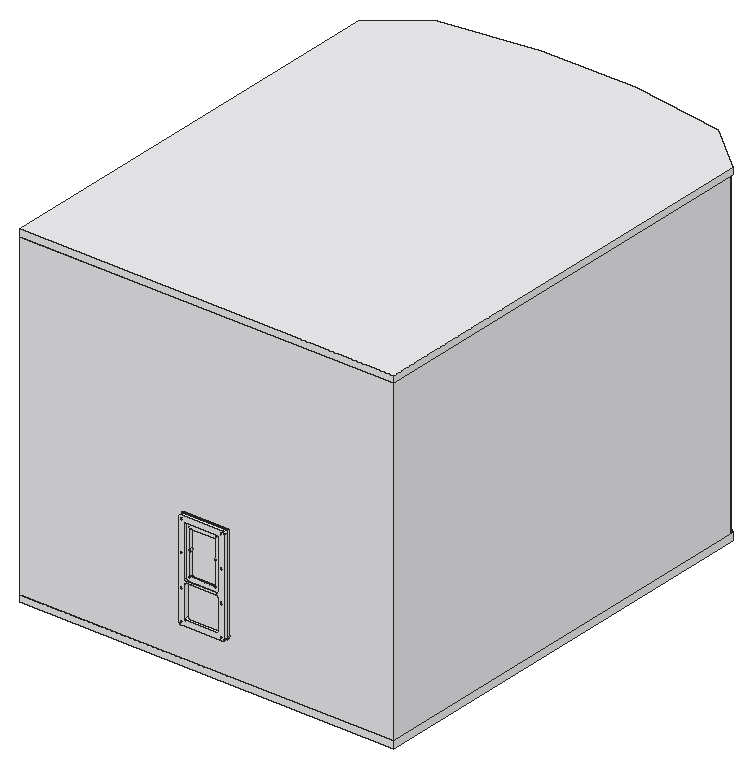
Revit family "EVC-1181S", category Communication Devices, Revit 2017
Family settings
  Maintain Annotation Orientation = Yes
  Round Connector Dimension = Use Diameter
  Part Type = Normal
  OmniClass Number = 23.85.10.11.11.21
  OmniClass Title = Speakers
  Work Plane-Based = Yes
  Always vertical = Yes
  Cut with Voids When Loaded = No
  Shared = No
  Room Calculation Point = No
Parameters (values of type "EVC1181SW_18"_Speaker_White")
  Uniclass2015Code = "Pr_60_75_08_02"
  URL = ""
  ProductInformation = "https://www.electrovoice.com/binary/EVC-1181S_18__subwoofer_Datasheet_51_en_27960774411.pdf"
  PlanningTools = "https://www.electrovoice.com/product.php?id=2673"
  ModelNumber = "F.01U.329.303"
  Model = ""
  MaterialRALColour = "RAL9010"
  ManufacturerURL = "https://www.electrovoice.com"
  Manufacturer = "Electro Voice"
  LoudspeakerMaterial = 13-plyWeather-resistantBirchEVCoat -RAL9010
  Default Elevation = 0.00 mm
  Width = 554.00 mm  # constant formula
  InstallationManual = "https://www.electrovoice.com/binary/EVC-1181S_18__subwoofer_Datasheet_51_en_27960774411.pdf"
  IfcExportType = "IfcBuildingElementProxyType"
  IfcExportAs = "IfcBuildingElementProxy"
  Length = 502.50 mm  # constant formula
  GrillMaterial = 16GA Powder-coatedGalvanneal - W
  Disclaimer = "http://resource.boschsecurity.com/information/BIM/Disclaimer_Electrovoice.pdf"
  Description = "97 dB sensitivity, 129 dB maximum SPL. System rating: 350 W Continuous, 1400 W Peak). Recommended frequency range: 30 Hz to 135 Hz. Designed to work with EVC 8-, 12-, and 15-inch\r\nsystems. Optional high quality transformer and patented. Automatic Saturation Control (ASC) enable subwoofer operation on dedicated 70V/100V lines."
  Depth = 718.10 mm  # constant formula
  CTN = "EVC1181W"
  ArchitectsAndEngineersSpecs = "https://www.electrovoice.com/binary/EVC-1181S_18__subwoofer_Datasheet_51_en_27960774411.pdf"
Reference planes
  plane 1 "Center (Front/Back)": y = 0
  plane 2: z = 0
  plane 3 "Center (Left/Right)": x = 0
Forms (mm)
  Extrusion 1, solid, material "13-plyWeather-resistantBirchEVCoat -RAL9010" <- "LoudspeakerMaterial"
    sketch origin (0.172, 9, 0) x (1, 0, 0) y (0, 1, 0)
      loop
        line (-277.172, 0) -> (276.828, 0) -> (276.828, 624.1) -> (271.828, 624.1) -> (271.828, 5) -> (-272.172, 5) -> (-272.172, 624.1) -> (-277.172, 624.1) -> (-277.172, 0)
    from 16.9 to 492.5
  Extrusion 2, solid, material "13-plyWeather-resistantBirchEVCoat -RAL9010" <- "LoudspeakerMaterial"
    sketch origin (0.172, 9, 485.6) x (0, -1, 0) y (1, 0, 0)
      loop
        line (0, 276.828) -> (-629.1, 276.828) -> (-686.951, 207.884)
        arc (-686.951, 207.884) -> (-709.1, -0.172) -> (-686.951, -208.228) r 988.254
        line (-686.951, -208.228) -> (-629.1, -277.172) -> (0, -277.172) -> (0, 276.828)
    from 6.9 to 16.9
  Extrusion 3, solid, material "13-plyWeather-resistantBirchEVCoat -RAL9010" <- "LoudspeakerMaterial"
    sketch origin (0.172, 9, 0) x (1, 0, 0) y (0, 1, 0)
      loop
        line (276.828, 0) -> (276.828, 629.1) -> (207.884, 686.951)
        arc (207.884, 686.951) -> (-0.172, 709.1) -> (-208.228, 686.951) r 988.254
        line (-208.228, 686.951) -> (-277.172, 629.1) -> (-277.172, 0) -> (276.828, 0)
    from 6.9 to 16.9
  Extrusion 4, solid, material "16GA Powder-coatedGalvanneal - W" <- "GrillMaterial"
    sketch origin (0, 0, 0) x (1, 0, 0) y (0, 1, 0)
      loop
        line (-272, 635.768) -> (-205.793, 691.323)
        arc (-205.793, 691.323) -> (0, 713.1) -> (205.793, 691.323) r 983.254
        line (205.793, 691.323) -> (272, 635.768) -> (272, 633.1) -> (274.5, 633.1) -> (274.5, 636.934) -> (206.924, 693.637)
        arc (206.924, 693.637) -> (0, 715.6) -> (-206.924, 693.637) r 985.754
        line (-206.924, 693.637) -> (-274.5, 636.934) -> (-274.5, 633.1) -> (-272, 633.1) -> (-272, 635.768)
    from 16.9 to 492.5
  Extrusion 5, solid, material "13-plyWeather-resistantBirchEVCoat -RAL9010" <- "LoudspeakerMaterial"
    sketch origin (0, 0, 0) x (1, 0, 0) y (0, 1, 0)
      loop
        circle (-216.088, 624.493) r 25
      loop
        circle (216.088, 624.493) r 25
      loop
        circle (-216.088, 91.707) r 20
      loop
        circle (216.088, 91.707) r 20
    from 0 to 6.9
Lines and regions (mm)
  reference lines
    curve 1: line (-277, 0, 0) -> (277, 0, 0)
Dimensions and locks
  "Depth": curve 1 to Extrusion 2
  "Width": Extrusion 2 to Extrusion 2
  equal spacing: Extrusion 2, plane 3 "Center (Left/Right)", Extrusion 2
  "Length": Extrusion 5 to Extrusion 2
  aligned and locked: plane 2 to level
Automatic sketch dimensions
  plane 1 "Center (Front/Back)" to curve 1 = 0.00 mm
  curve 1 to plane 3 "Center (Left/Right)" = 277.00 mm
  plane 3 "Center (Left/Right)" to curve 1 = 277.00 mm
  Extrusion 1 sketch curve to plane 3 "Center (Left/Right)" = 277.00 mm
  Extrusion 1 sketch curve to Extrusion 1 sketch curve = 5.00 mm  (x3)
  Extrusion 1 sketch curve to plane 1 "Center (Front/Back)" = 14.00 mm
  plane 3 "Center (Left/Right)" to Extrusion 1 sketch curve = 272.00 mm
  Extrusion 1 sketch curve to Extrusion 1 sketch curve = 619.10 mm
  Extrusion 1 sketch curve to Extrusion 1 sketch curve = 0.00 mm
  Extrusion 2 sketch curve to plane 3 "Center (Left/Right)" = 0.00 mm
  Extrusion 2 sketch curve to plane 3 "Center (Left/Right)" = 208.056 mm
  Extrusion 2 sketch curve to plane 1 "Center (Front/Back)" = 695.951 mm
  plane 3 "Center (Left/Right)" to Extrusion 2 sketch curve = 208.056 mm
  plane 3 "Center (Left/Right)" to Extrusion 2 sketch curve = 277.00 mm
  Extrusion 2 sketch curve to Extrusion 2 sketch curve = 57.851 mm  (x2)
  Extrusion 2 sketch curve to plane 3 "Center (Left/Right)" = 277.00 mm
  Extrusion 2 sketch curve to plane 1 "Center (Front/Back)" = 9.00 mm
  plane 1 "Center (Front/Back)" to Extrusion 2 sketch curve = 270.154 mm
  Extrusion 3 sketch curve to plane 3 "Center (Left/Right)" = 0.00 mm
  Extrusion 3 sketch curve to plane 3 "Center (Left/Right)" = 208.056 mm
  Extrusion 3 sketch curve to Extrusion 3 sketch curve = 68.944 mm
  plane 3 "Center (Left/Right)" to Extrusion 3 sketch curve = 208.056 mm
  Extrusion 3 sketch curve to plane 1 "Center (Front/Back)" = 9.00 mm
  plane 3 "Center (Left/Right)" to Extrusion 3 sketch curve = 277.00 mm
  plane 1 "Center (Front/Back)" to Extrusion 3 sketch curve = 270.154 mm
  Extrusion 3 sketch curve to Extrusion 3 sketch curve = 629.10 mm
  Extrusion 3 sketch curve to Extrusion 3 sketch curve = 0.00 mm
  Extrusion 3 sketch curve to Extrusion 3 sketch curve = 57.851 mm
  Extrusion 4 sketch curve to Extrusion 4 sketch curve = 0.00 mm  (x3)
  Extrusion 4 sketch curve to plane 3 "Center (Left/Right)" = 0.00 mm
  Extrusion 4 sketch curve to plane 3 "Center (Left/Right)" = 205.793 mm
  Extrusion 4 sketch curve to Extrusion 4 sketch curve = 1.131 mm  (x2)
  Extrusion 4 sketch curve to Extrusion 4 sketch curve = 66.207 mm  (x2)
  Extrusion 4 sketch curve to Extrusion 4 sketch curve = 2.50 mm  (x2)
  plane 3 "Center (Left/Right)" to Extrusion 4 sketch curve = 205.793 mm
  plane 1 "Center (Front/Back)" to Extrusion 4 sketch curve = 270.154 mm
  Extrusion 4 sketch curve to plane 1 "Center (Front/Back)" = 633.10 mm
  Extrusion 4 sketch curve to Extrusion 4 sketch curve = 2.668 mm  (x2)
  Extrusion 4 sketch curve to Extrusion 4 sketch curve = 1.166 mm  (x2)
  Extrusion 4 sketch curve to Extrusion 4 sketch curve = 55.554 mm
  Extrusion 4 sketch curve to Extrusion 4 sketch curve = 2.314 mm
  Extrusion 5 sketch curve to plane 1 "Center (Front/Back)" = 91.707 mm  (x2)
  Extrusion 5 sketch curve to plane 3 "Center (Left/Right)" = 216.088 mm  (x2)
  plane 3 "Center (Left/Right)" to Extrusion 5 sketch curve = 216.088 mm  (x2)
  Extrusion 5 sketch curve to Extrusion 5 sketch curve = 532.785 mm
  Extrusion 5 sketch curve to Extrusion 5 sketch curve = 0.00 mm
  radius of Extrusion 5 sketch curve = 25.00 mm  (x2)
  radius of Extrusion 5 sketch curve = 20.00 mm  (x2)
Nested families
  nested 1: "2D_CabinetLoudspeaker" at (0, 0, 0) x (-1, 0, 0) z (0, 0, 1), type "LoudSpeaker"
    with Pan2D 0.00°
  nested 2: "InputPanel_small" at (-33.614, 10, 140) x (0, 0, -1) z (1, 0, 0), LoudspeakerMaterial <- "LoudspeakerMaterial", type "InputPanel_small"
    with LoudspeakerMaterial 13-plyWeather-resistantBirchEVCoat -RAL9010
  nested 3: "L-EV" at (0.172, 715.35, 95) x (-1, 0, 0) z (0, 0, 1), type "L-EV"
Connectors
  electrical at (-0.023, 5, 167.216)
    settings: on nested 2, index 1, voltage 0 V, apparent load 0 VA, apparent load phase1 0 VA, apparent load phase2 0 VA, apparent load phase3 0 VA, power factor 1, load classification "Other", number of poles 1, system type 31, power factor state 1, is connector primary yes, connector utility no, sub classification motor no, connector description ""
Definition of nested family "InputPanel_small"
  Parameters (values of type "InputPanel_small")
    Material = ""
    LoudspeakerMaterial [instance] = none
    Default Elevation = 1219.20 mm
  Reference planes
    plane 1 "Center (Front/Back)": y = 0
    plane 2: z = 0
    plane 3 "Center (Left/Right)": x = 0
  Forms (mm)
    Extrusion 1, solid, material <- "LoudspeakerMaterial", not visible
      sketch origin (-97.521, -0.5, 198.121) x (-1, 0, 0) y (0, 0, -1)
        loop
          arc (-169.642, 198.043) -> (-170.257, 197.789) -> (-170.511, 197.174) r 0.869
          line (-170.511, 197.174) -> (-170.511, 131.84)
          arc (-170.511, 131.84) -> (-170.257, 131.226) -> (-169.642, 130.971) r 0.869
          line (-169.642, 130.971) -> (-25.396, 130.971)
          arc (-25.396, 130.971) -> (-24.782, 131.226) -> (-24.527, 131.84) r 0.869
          line (-24.527, 131.84) -> (-24.527, 197.174)
          arc (-24.527, 197.174) -> (-24.782, 197.789) -> (-25.396, 198.043) r 0.869
          line (-25.396, 198.043) -> (-169.642, 198.043)
      from 0 to -0.5
    Extrusion 2, solid, material <- "LoudspeakerMaterial", detail levels medium+fine
      sketch origin (1.214, 0, 125.108) x (-1, 0, 0) y (0, 0, -1)
        loop
          line (70.917, 125.031) -> (-68.488, 125.031)
          arc (-68.488, 125.031) -> (-70.813, 124.068) -> (-71.776, 121.743) r 3.288
          line (-71.776, 121.743) -> (-71.776, 61.229)
          arc (-71.776, 61.229) -> (-70.921, 59.026) -> (-68.815, 57.959) r 3.288
          line (-68.815, 57.959) -> (70.925, 57.959)
          arc (70.925, 57.959) -> (73.25, 58.922) -> (74.212, 61.247) r 3.288
          line (74.212, 61.247) -> (74.205, 121.743)
          arc (74.205, 121.743) -> (73.242, 124.068) -> (70.917, 125.031) r 3.288
        loop
          line (-16.102, 116.673) -> (-61.46, 116.673)
          arc (-61.46, 116.673) -> (-63.304, 115.909) -> (-64.067, 114.066) r 2.607
          line (-64.067, 114.066) -> (-64.067, 69.267)
          arc (-64.067, 69.267) -> (-63.304, 67.424) -> (-61.46, 66.66) r 2.607
          line (-61.46, 66.66) -> (-16.102, 66.658)
          arc (-16.102, 66.658) -> (-14.259, 67.424) -> (-13.495, 69.267) r 2.607
          line (-13.495, 69.267) -> (-13.495, 114.066)
          arc (-13.495, 114.066) -> (-14.259, 115.909) -> (-16.102, 116.673) r 2.607
        loop
          line (64.151, 116.673) -> (-8.801, 116.673)
          arc (-8.801, 116.673) -> (-10.645, 115.909) -> (-11.408, 114.066) r 2.607
          line (-11.408, 114.066) -> (-11.408, 69.267)
          arc (-11.408, 69.267) -> (-10.645, 67.424) -> (-8.801, 66.66) r 2.607
          line (-8.801, 66.66) -> (64.151, 66.658)
          arc (64.151, 66.658) -> (65.994, 67.424) -> (66.758, 69.267) r 2.607
          line (66.758, 69.267) -> (66.758, 114.066)
          arc (66.758, 114.066) -> (65.994, 115.909) -> (64.151, 116.673) r 2.607
        loop
          circle (-67.83, 121.068) r 1.368
        loop
          circle (-21.853, 121.068) r 1.368
        loop
          circle (24.255, 121.068) r 1.368
        loop
          circle (69.993, 121.068) r 1.368
        loop
          circle (-67.961, 61.771) r 1.368
        loop
          circle (-21.984, 61.771) r 1.368
        loop
          circle (24.124, 61.771) r 1.368
        loop
          circle (69.862, 61.771) r 1.368
      from 0 to 10
    Extrusion 3, solid, material <- "LoudspeakerMaterial", detail levels fine
      sketch origin (25.655, 0, 118.331) x (-1, 0, 0) y (0, 0, -1)
        loop
          arc (15.45, 109.952) -> (13.605, 109.187) -> (12.84, 107.342) r 2.61
          line (12.84, 107.342) -> (12.84, 62.493)
          arc (12.84, 62.493) -> (13.606, 60.646) -> (15.45, 59.881) r 2.61
          line (15.45, 59.881) -> (88.485, 59.883)
          arc (88.485, 59.883) -> (90.33, 60.647) -> (91.094, 62.493) r 2.61
          line (91.094, 62.493) -> (91.094, 107.342)
          arc (91.094, 107.342) -> (90.33, 109.187) -> (88.485, 109.952) r 2.61
          line (88.485, 109.952) -> (15.45, 109.952)
        loop
          line (53.049, 104.094) -> (20.673, 104.09)
          arc (20.673, 104.09) -> (20.25, 103.216) -> (19.475, 102.633) r 2.061
          line (19.475, 102.633) -> (19.479, 66.839)
          arc (19.479, 66.839) -> (20.255, 66.255) -> (20.677, 65.382) r 2.061
          line (20.677, 65.382) -> (53.053, 65.386)
          arc (53.053, 65.386) -> (55.067, 67.012) -> (57.082, 65.386) r 2.061
          line (57.082, 65.386) -> (82.875, 65.389)
          arc (82.875, 65.389) -> (83.297, 66.263) -> (84.073, 66.847) r 2.061
          line (84.073, 66.847) -> (84.068, 102.641)
          arc (84.068, 102.641) -> (83.293, 103.224) -> (82.87, 104.098) r 2.061
          line (82.87, 104.098) -> (57.077, 104.095)
          arc (57.077, 104.095) -> (55.063, 102.469) -> (53.049, 104.094) r 2.061
        loop
          circle (55.063, 104.529) r 0.832
        loop
          circle (55.063, 64.893) r 0.832
        loop
          circle (84.767, 104.529) r 0.832
        loop
          circle (84.767, 64.893) r 0.832
        loop
          circle (18.835, 104.529) r 0.832
        loop
          circle (18.835, 64.893) r 0.832
      from 7.5 to 5
    Extrusion 4, solid, material <- "LoudspeakerMaterial"
      sketch origin (1.214, 0, 125.108) x (-1, 0, 0) y (0, 0, -1)
        loop
          line (-71.776, 125.031) -> (-71.776, 57.959) -> (74.213, 57.959) -> (74.205, 125.031) -> (-71.776, 125.031)
      from 0 to 4.337
  Lines and regions (mm)
    model lines, not visible
      curve 1: arc (59.415, -9.5, 70.232) -> (59.756, -9.5, 68.636) -> (60.858, -9.5, 67.432) r 3.109
      curve 2: arc (59.414, -9.5, 82.845) -> (59.754, -9.5, 81.249) -> (60.857, -9.5, 80.045) r 3.109
      curve 3: arc (59.417, -9.5, 63.926) -> (59.752, -9.5, 62.34) -> (60.84, -9.5, 61.139) r 3.108
      curve 4: arc (59.415, -9.5, 76.539) -> (59.75, -9.5, 74.953) -> (60.838, -9.5, 73.752) r 3.108
      curve 5: arc (60.711, -9.5, 72.945) -> (59.72, -9.5, 71.753) -> (59.414, -9.5, 70.232) r 3.166
      curve 6: arc (60.71, -9.5, 85.557) -> (59.718, -9.5, 84.365) -> (59.412, -9.5, 82.845) r 3.166
      curve 7: arc (60.712, -9.5, 66.637) -> (59.721, -9.5, 65.445) -> (59.415, -9.5, 63.926) r 3.165
      curve 8: arc (60.71, -9.5, 79.25) -> (59.72, -9.5, 78.058) -> (59.414, -9.5, 76.539) r 3.165
      curve 9: arc (59.062, -9.5, 76.539) -> (58.721, -9.5, 78.135) -> (57.618, -9.5, 79.339) r 3.109
      curve 10: arc (59.063, -9.5, 63.926) -> (58.723, -9.5, 65.522) -> (57.62, -9.5, 66.726) r 3.109
      curve 11: arc (59.06, -9.5, 82.845) -> (58.725, -9.5, 84.431) -> (57.637, -9.5, 85.632) r 3.108
      curve 12: arc (59.062, -9.5, 70.232) -> (58.726, -9.5, 71.818) -> (57.638, -9.5, 73.019) r 3.108
      curve 13: arc (57.765, -9.5, 73.826) -> (58.757, -9.5, 75.018) -> (59.063, -9.5, 76.539) r 3.166
      curve 14: arc (57.767, -9.5, 61.214) -> (58.758, -9.5, 62.406) -> (59.065, -9.5, 63.926) r 3.166
      curve 15: arc (57.765, -9.5, 80.134) -> (58.756, -9.5, 81.326) -> (59.062, -9.5, 82.845) r 3.165
      curve 16: arc (57.767, -9.5, 67.521) -> (58.757, -9.5, 68.713) -> (59.063, -9.5, 70.232) r 3.165
      curve 17: arc (62.678, -9.5, 67.687) -> (63.752, -9.5, 68.757) -> (64.103, -9.5, 70.233) r 2.775
      curve 18: arc (63.369, -9.5, 67.367) -> (64.444, -9.5, 68.62) -> (64.794, -9.5, 70.233) r 3.371
      curve 19: arc (62.678, -9.5, 67.687) -> (62.999, -9.5, 67.474) -> (63.369, -9.5, 67.367) r 1.273
      curve 20: arc (62.676, -9.5, 80.299) -> (63.75, -9.5, 81.37) -> (64.101, -9.5, 82.846) r 2.775
      curve 21: arc (63.368, -9.5, 79.98) -> (64.442, -9.5, 81.233) -> (64.793, -9.5, 82.846) r 3.371
      curve 22: arc (62.676, -9.5, 80.299) -> (62.998, -9.5, 80.087) -> (63.368, -9.5, 79.98) r 1.273
      curve 23: arc (62.679, -9.5, 61.381) -> (63.752, -9.5, 62.452) -> (64.103, -9.5, 63.927) r 2.774
      curve 24: arc (63.37, -9.5, 61.062) -> (64.444, -9.5, 62.315) -> (64.794, -9.5, 63.927) r 3.37
      curve 25: arc (62.679, -9.5, 61.381) -> (63, -9.5, 61.169) -> (63.37, -9.5, 61.062) r 1.273
      curve 26: arc (62.677, -9.5, 73.994) -> (63.751, -9.5, 75.064) -> (64.101, -9.5, 76.539) r 2.774
      curve 27: arc (63.369, -9.5, 73.675) -> (64.442, -9.5, 74.927) -> (64.793, -9.5, 76.539) r 3.37
      curve 28: arc (62.677, -9.5, 73.994) -> (62.998, -9.5, 73.781) -> (63.369, -9.5, 73.675) r 1.273
      curve 29: arc (64.103, -9.5, 70.233) -> (63.752, -9.5, 71.708) -> (62.677, -9.5, 72.779) r 2.775
      curve 30: arc (63.369, -9.5, 73.098) -> (62.999, -9.5, 72.992) -> (62.677, -9.5, 72.779) r 1.273
      curve 31: arc (64.794, -9.5, 70.233) -> (64.443, -9.5, 71.846) -> (63.369, -9.5, 73.098) r 3.371
      curve 32: arc (64.101, -9.5, 82.846) -> (63.75, -9.5, 84.321) -> (62.676, -9.5, 85.392) r 2.775
      curve 33: arc (63.367, -9.5, 85.711) -> (62.997, -9.5, 85.604) -> (62.676, -9.5, 85.392) r 1.273
      curve 34: arc (64.793, -9.5, 82.846) -> (64.442, -9.5, 84.458) -> (63.367, -9.5, 85.711) r 3.371
      curve 35: arc (64.103, -9.5, 63.927) -> (63.752, -9.5, 65.401) -> (62.678, -9.5, 66.472) r 2.774
      curve 36: arc (63.37, -9.5, 66.791) -> (62.999, -9.5, 66.684) -> (62.678, -9.5, 66.472) r 1.273
      curve 37: arc (64.794, -9.5, 63.927) -> (64.444, -9.5, 65.539) -> (63.37, -9.5, 66.791) r 3.37
      curve 38: arc (64.101, -9.5, 76.539) -> (63.75, -9.5, 78.014) -> (62.676, -9.5, 79.084) r 2.774
      curve 39: arc (63.368, -9.5, 79.404) -> (62.998, -9.5, 79.297) -> (62.676, -9.5, 79.084) r 1.273
      curve 40: arc (64.793, -9.5, 76.539) -> (64.442, -9.5, 78.151) -> (63.368, -9.5, 79.404) r 3.37
      curve 41: arc (59.627, -9.5, 63.926) -> (59.978, -9.5, 62.451) -> (61.052, -9.5, 61.381) r 2.774
      curve 42: arc (61.051, -9.5, 66.471) -> (59.977, -9.5, 65.401) -> (59.627, -9.5, 63.926) r 2.774
      curve 43: arc (59.625, -9.5, 70.232) -> (59.976, -9.5, 68.757) -> (61.051, -9.5, 67.686) r 2.775
      curve 44: arc (61.05, -9.5, 72.779) -> (59.976, -9.5, 71.708) -> (59.625, -9.5, 70.232) r 2.775
      curve 45: arc (59.625, -9.5, 76.539) -> (59.976, -9.5, 75.064) -> (61.05, -9.5, 73.994) r 2.774
      curve 46: arc (61.049, -9.5, 79.084) -> (59.976, -9.5, 78.014) -> (59.625, -9.5, 76.539) r 2.774
      curve 47: arc (59.624, -9.5, 82.845) -> (59.975, -9.5, 81.37) -> (61.049, -9.5, 80.299) r 2.775
      curve 48: arc (61.049, -9.5, 85.391) -> (59.975, -9.5, 84.321) -> (59.624, -9.5, 82.845) r 2.775
      curve 49: arc (65.487, -9.5, 67.368) -> (66.537, -9.5, 68.57) -> (66.91, -9.5, 70.123) r 3.348
      curve 50: arc (65.485, -9.5, 79.98) -> (66.535, -9.5, 81.183) -> (66.909, -9.5, 82.735) r 3.348
      curve 51: arc (66.91, -9.5, 70.344) -> (66.536, -9.5, 71.896) -> (65.486, -9.5, 73.099) r 3.348
      curve 52: arc (66.909, -9.5, 82.956) -> (66.535, -9.5, 84.509) -> (65.485, -9.5, 85.711) r 3.348
      curve 53: arc (65.488, -9.5, 61.062) -> (66.543, -9.5, 62.278) -> (66.911, -9.5, 63.846) r 3.353
      curve 54: arc (65.486, -9.5, 73.675) -> (66.542, -9.5, 74.891) -> (66.909, -9.5, 76.458) r 3.353
      curve 55: arc (66.911, -9.5, 64.008) -> (66.543, -9.5, 65.576) -> (65.487, -9.5, 66.791) r 3.353
      curve 56: arc (66.909, -9.5, 76.621) -> (66.542, -9.5, 78.189) -> (65.485, -9.5, 79.404) r 3.353
      curve 57: arc (61.368, -9.5, 70.233) -> (61.701, -9.5, 68.86) -> (62.728, -9.5, 67.892) r 2.482
      curve 58: arc (61.369, -9.5, 63.926) -> (61.702, -9.5, 62.554) -> (62.729, -9.5, 61.585) r 2.482
      curve 59: arc (61.777, -9.5, 65.419) -> (61.47, -9.5, 64.701) -> (61.369, -9.5, 63.926) r 2.857
      curve 60: arc (62.453, -9.5, 65.577) -> (62.398, -9.5, 65.499) -> (62.347, -9.5, 65.419) r 2.446
      curve 61: arc (61.777, -9.5, 71.725) -> (61.469, -9.5, 71.007) -> (61.368, -9.5, 70.233) r 2.857
      curve 62: arc (62.452, -9.5, 71.883) -> (62.398, -9.5, 71.805) -> (62.346, -9.5, 71.725) r 2.446
      curve 63: arc (61.367, -9.5, 76.539) -> (61.7, -9.5, 75.167) -> (62.727, -9.5, 74.198) r 2.482
      curve 64: arc (61.367, -9.5, 82.845) -> (61.699, -9.5, 81.473) -> (62.727, -9.5, 80.504) r 2.482
      curve 65: arc (61.776, -9.5, 78.031) -> (61.469, -9.5, 77.313) -> (61.367, -9.5, 76.539) r 2.857
      curve 66: arc (62.452, -9.5, 78.19) -> (62.397, -9.5, 78.112) -> (62.345, -9.5, 78.032) r 2.446
      curve 67: arc (61.775, -9.5, 84.338) -> (61.468, -9.5, 83.62) -> (61.367, -9.5, 82.845) r 2.857
      curve 68: arc (62.451, -9.5, 84.496) -> (62.396, -9.5, 84.418) -> (62.345, -9.5, 84.338) r 2.446
      curve 69: arc (55.799, -9.5, 79.084) -> (54.725, -9.5, 78.014) -> (54.374, -9.5, 76.538) r 2.775
      curve 70: arc (55.107, -9.5, 79.404) -> (54.033, -9.5, 78.151) -> (53.682, -9.5, 76.538) r 3.371
      curve 71: arc (55.799, -9.5, 79.084) -> (55.478, -9.5, 79.297) -> (55.107, -9.5, 79.404) r 1.273
      curve 72: arc (55.8, -9.5, 66.472) -> (54.726, -9.5, 65.401) -> (54.376, -9.5, 63.925) r 2.775
      curve 73: arc (55.109, -9.5, 66.791) -> (54.035, -9.5, 65.538) -> (53.684, -9.5, 63.925) r 3.371
      curve 74: arc (55.8, -9.5, 66.472) -> (55.479, -9.5, 66.684) -> (55.109, -9.5, 66.791) r 1.273
      curve 75: arc (55.798, -9.5, 85.39) -> (54.725, -9.5, 84.319) -> (54.374, -9.5, 82.844) r 2.774
      curve 76: arc (55.107, -9.5, 85.709) -> (54.033, -9.5, 84.456) -> (53.682, -9.5, 82.844) r 3.37
      curve 77: arc (55.798, -9.5, 85.39) -> (55.477, -9.5, 85.602) -> (55.107, -9.5, 85.709) r 1.273
      curve 78: arc (55.8, -9.5, 72.777) -> (54.726, -9.5, 71.707) -> (54.376, -9.5, 70.232) r 2.774
      curve 79: arc (55.108, -9.5, 73.096) -> (54.034, -9.5, 71.844) -> (53.684, -9.5, 70.232) r 3.37
      curve 80: arc (55.8, -9.5, 72.777) -> (55.478, -9.5, 72.99) -> (55.108, -9.5, 73.096) r 1.273
      curve 81: arc (54.374, -9.5, 76.538) -> (54.725, -9.5, 75.063) -> (55.8, -9.5, 73.992) r 2.775
      curve 82: arc (55.108, -9.5, 73.673) -> (55.478, -9.5, 73.779) -> (55.8, -9.5, 73.992) r 1.273
      curve 83: arc (53.682, -9.5, 76.538) -> (54.033, -9.5, 74.925) -> (55.108, -9.5, 73.673) r 3.371
      curve 84: arc (54.376, -9.5, 63.925) -> (54.727, -9.5, 62.45) -> (55.801, -9.5, 61.379) r 2.775
      curve 85: arc (55.11, -9.5, 61.06) -> (55.48, -9.5, 61.167) -> (55.801, -9.5, 61.379) r 1.273
      curve 86: arc (53.684, -9.5, 63.925) -> (54.035, -9.5, 62.313) -> (55.11, -9.5, 61.06) r 3.371
      curve 87: arc (54.374, -9.5, 82.844) -> (54.725, -9.5, 81.369) -> (55.799, -9.5, 80.299) r 2.774
      curve 88: arc (55.107, -9.5, 79.98) -> (55.477, -9.5, 80.087) -> (55.799, -9.5, 80.299) r 1.273
      curve 89: arc (53.682, -9.5, 82.844) -> (54.033, -9.5, 81.232) -> (55.107, -9.5, 79.98) r 3.37
      curve 90: arc (54.376, -9.5, 70.232) -> (54.726, -9.5, 68.757) -> (55.8, -9.5, 67.687) r 2.774
      curve 91: arc (55.109, -9.5, 67.367) -> (55.479, -9.5, 67.474) -> (55.8, -9.5, 67.687) r 1.273
      curve 92: arc (53.684, -9.5, 70.232) -> (54.035, -9.5, 68.62) -> (55.109, -9.5, 67.367) r 3.37
      curve 93: arc (58.85, -9.5, 82.845) -> (58.499, -9.5, 84.32) -> (57.425, -9.5, 85.39) r 2.774
      curve 94: arc (57.426, -9.5, 80.3) -> (58.499, -9.5, 81.37) -> (58.85, -9.5, 82.845) r 2.774
      curve 95: arc (58.851, -9.5, 76.539) -> (58.5, -9.5, 78.014) -> (57.426, -9.5, 79.085) r 2.775
      curve 96: arc (57.427, -9.5, 73.992) -> (58.501, -9.5, 75.063) -> (58.851, -9.5, 76.539) r 2.775
      curve 97: arc (58.852, -9.5, 70.232) -> (58.501, -9.5, 71.707) -> (57.427, -9.5, 72.777) r 2.774
      curve 98: arc (57.427, -9.5, 67.687) -> (58.501, -9.5, 68.757) -> (58.852, -9.5, 70.232) r 2.774
      curve 99: arc (58.853, -9.5, 63.926) -> (58.502, -9.5, 65.401) -> (57.428, -9.5, 66.472) r 2.775
      curve 100: arc (57.428, -9.5, 61.38) -> (58.502, -9.5, 62.45) -> (58.853, -9.5, 63.926) r 2.775
      curve 101: arc (52.99, -9.5, 79.403) -> (51.94, -9.5, 78.2) -> (51.567, -9.5, 76.648) r 3.348
      curve 102: arc (52.991, -9.5, 66.791) -> (51.942, -9.5, 65.588) -> (51.568, -9.5, 64.036) r 3.348
      curve 103: arc (51.567, -9.5, 76.427) -> (51.94, -9.5, 74.875) -> (52.991, -9.5, 73.672) r 3.348
      curve 104: arc (51.568, -9.5, 63.815) -> (51.942, -9.5, 62.262) -> (52.992, -9.5, 61.06) r 3.348
      curve 105: arc (52.989, -9.5, 85.709) -> (51.933, -9.5, 84.493) -> (51.566, -9.5, 82.925) r 3.353
      curve 106: arc (52.991, -9.5, 73.096) -> (51.935, -9.5, 71.88) -> (51.567, -9.5, 70.313) r 3.353
      curve 107: arc (51.566, -9.5, 82.763) -> (51.934, -9.5, 81.195) -> (52.99, -9.5, 79.98) r 3.353
      curve 108: arc (51.567, -9.5, 70.15) -> (51.935, -9.5, 68.582) -> (52.991, -9.5, 67.367) r 3.353
      curve 109: arc (57.108, -9.5, 82.845) -> (56.775, -9.5, 84.217) -> (55.748, -9.5, 85.186) r 2.482
      curve 110: arc (57.109, -9.5, 76.538) -> (56.776, -9.5, 77.911) -> (55.749, -9.5, 78.879) r 2.482
      curve 111: arc (56.7, -9.5, 75.046) -> (57.007, -9.5, 75.764) -> (57.109, -9.5, 76.538) r 2.857
      curve 112: arc (56.024, -9.5, 74.888) -> (56.079, -9.5, 74.966) -> (56.131, -9.5, 75.046) r 2.446
      curve 113: arc (56.699, -9.5, 81.352) -> (57.007, -9.5, 82.07) -> (57.108, -9.5, 82.845) r 2.857
      curve 114: arc (56.024, -9.5, 81.194) -> (56.078, -9.5, 81.272) -> (56.13, -9.5, 81.352) r 2.446
      curve 115: arc (57.109, -9.5, 70.232) -> (56.777, -9.5, 71.604) -> (55.749, -9.5, 72.573) r 2.482
      curve 116: arc (57.11, -9.5, 63.926) -> (56.777, -9.5, 65.298) -> (55.75, -9.5, 66.267) r 2.482
      curve 117: arc (56.702, -9.5, 62.433) -> (57.009, -9.5, 63.151) -> (57.11, -9.5, 63.926) r 2.857
      curve 118: arc (56.026, -9.5, 62.275) -> (56.081, -9.5, 62.353) -> (56.132, -9.5, 62.433) r 2.446
      curve 119: arc (56.701, -9.5, 68.739) -> (57.008, -9.5, 69.458) -> (57.109, -9.5, 70.232) r 2.857
      curve 120: arc (56.025, -9.5, 68.581) -> (56.08, -9.5, 68.659) -> (56.131, -9.5, 68.739) r 2.446
      curve 121: spline (77.962, -9.5, 59.963) -> (78.093, -9.5, 59.972) -> (78.223, -9.5, 59.998) -> (78.348, -9.5, 60.04) -> (78.466, -9.5, 60.099) -> (78.576, -9.5, 60.172) -> (78.675, -9.5, 60.259) -> (78.762, -9.5, 60.358) -> (78.835, -9.5, 60.468) -> (78.894, -9.5, 60.586) -> (78.936, -9.5, 60.711) -> (78.962, -9.5, 60.841) -> (78.97, -9.5, 60.972)
      curve 122: spline (78.967, -9.5, 85.803) -> (78.959, -9.5, 85.935) -> (78.933, -9.5, 86.065) -> (78.891, -9.5, 86.19) -> (78.832, -9.5, 86.308) -> (78.759, -9.5, 86.418) -> (78.672, -9.5, 86.517) -> (78.573, -9.5, 86.604) -> (78.463, -9.5, 86.677) -> (78.344, -9.5, 86.735) -> (78.22, -9.5, 86.778) -> (78.09, -9.5, 86.804) -> (77.958, -9.5, 86.812)
      curve 123: spline (40.515, -9.5, 86.808) -> (40.383, -9.5, 86.799) -> (40.254, -9.5, 86.773) -> (40.129, -9.5, 86.731) -> (40.01, -9.5, 86.672) -> (39.901, -9.5, 86.599) -> (39.801, -9.5, 86.512) -> (39.714, -9.5, 86.413) -> (39.641, -9.5, 86.303) -> (39.583, -9.5, 86.185) -> (39.54, -9.5, 86.06) -> (39.515, -9.5, 85.93) -> (39.506, -9.5, 85.799)
      curve 124: spline (39.509, -9.5, 60.97) -> (39.517, -9.5, 60.838) -> (39.543, -9.5, 60.708) -> (39.585, -9.5, 60.583) -> (39.643, -9.5, 60.464) -> (39.717, -9.5, 60.354) -> (39.804, -9.5, 60.255) -> (39.903, -9.5, 60.168) -> (40.013, -9.5, 60.094) -> (40.131, -9.5, 60.036) -> (40.256, -9.5, 59.993) -> (40.386, -9.5, 59.967) -> (40.518, -9.5, 59.959)
      curve 125: spline (40.57, -9.5, 86.753) -> (40.438, -9.5, 86.744) -> (40.309, -9.5, 86.718) -> (40.184, -9.5, 86.676) -> (40.065, -9.5, 86.617) -> (39.956, -9.5, 86.544) -> (39.856, -9.5, 86.457) -> (39.769, -9.5, 86.358) -> (39.696, -9.5, 86.248) -> (39.638, -9.5, 86.13) -> (39.595, -9.5, 86.005) -> (39.57, -9.5, 85.875) -> (39.561, -9.5, 85.744)
      curve 126: spline (39.564, -9.5, 61.023) -> (39.573, -9.5, 60.891) -> (39.598, -9.5, 60.761) -> (39.641, -9.5, 60.636) -> (39.699, -9.5, 60.518) -> (39.773, -9.5, 60.408) -> (39.86, -9.5, 60.309) -> (39.959, -9.5, 60.222) -> (40.069, -9.5, 60.149) -> (40.187, -9.5, 60.091) -> (40.312, -9.5, 60.048) -> (40.441, -9.5, 60.022) -> (40.573, -9.5, 60.014)
      curve 127: spline (78.912, -9.5, 85.748) -> (78.904, -9.5, 85.88) -> (78.878, -9.5, 86.01) -> (78.835, -9.5, 86.134) -> (78.777, -9.5, 86.253) -> (78.704, -9.5, 86.363) -> (78.617, -9.5, 86.462) -> (78.518, -9.5, 86.549) -> (78.408, -9.5, 86.622) -> (78.289, -9.5, 86.68) -> (78.164, -9.5, 86.723) -> (78.035, -9.5, 86.749) -> (77.903, -9.5, 86.757)
      curve 128: spline (77.907, -9.5, 60.018) -> (78.038, -9.5, 60.027) -> (78.168, -9.5, 60.053) -> (78.293, -9.5, 60.095) -> (78.411, -9.5, 60.154) -> (78.521, -9.5, 60.227) -> (78.62, -9.5, 60.314) -> (78.707, -9.5, 60.413) -> (78.78, -9.5, 60.523) -> (78.839, -9.5, 60.641) -> (78.881, -9.5, 60.766) -> (78.907, -9.5, 60.896) -> (78.915, -9.5, 61.027)
      curve 129: line (63.979, -9.5, 70.233) -> (63.818, -9.5, 71.221)
      curve 130: line (63.818, -9.5, 71.221) -> (63.359, -9.5, 72.059)
      curve 131: line (63.359, -9.5, 72.059) -> (62.673, -9.5, 72.618)
      curve 132: line (62.673, -9.5, 72.618) -> (61.864, -9.5, 72.815)
      curve 133: line (61.864, -9.5, 72.815) -> (61.054, -9.5, 72.618)
      curve 134: line (61.054, -9.5, 72.618) -> (60.368, -9.5, 72.058)
      curve 135: line (60.368, -9.5, 72.058) -> (59.91, -9.5, 71.221)
      curve 136: line (59.91, -9.5, 71.221) -> (59.749, -9.5, 70.232)
      curve 137: line (59.749, -9.5, 70.232) -> (59.91, -9.5, 69.244)
      curve 138: line (59.91, -9.5, 69.244) -> (60.369, -9.5, 68.407)
      curve 139: line (60.369, -9.5, 68.407) -> (61.055, -9.5, 67.847)
      curve 140: line (61.055, -9.5, 67.847) -> (61.864, -9.5, 67.651)
      curve 141: line (61.864, -9.5, 67.651) -> (62.674, -9.5, 67.847)
      curve 142: line (62.674, -9.5, 67.847) -> (63.36, -9.5, 68.407)
      curve 143: line (63.36, -9.5, 68.407) -> (63.815, -9.5, 69.238)
      curve 144: line (63.818, -9.5, 69.245) -> (64.103, -9.5, 70.233)
      curve 145: line (64.103, -9.5, 70.233) -> (64.794, -9.5, 70.233)
      curve 146: line (64.794, -9.5, 70.233) -> (66.912, -9.5, 70.233)
      curve 147: line (66.912, -9.5, 70.233) -> (66.911, -9.5, 64.008)
      curve 148: line (63.978, -9.5, 82.846) -> (63.817, -9.5, 83.834)
      curve 149: line (63.817, -9.5, 83.834) -> (63.358, -9.5, 84.671)
      curve 150: line (63.358, -9.5, 84.671) -> (62.672, -9.5, 85.231)
      curve 151: line (62.672, -9.5, 85.231) -> (61.862, -9.5, 85.427)
      curve 152: line (61.862, -9.5, 85.427) -> (61.053, -9.5, 85.231)
      curve 153: line (61.053, -9.5, 85.231) -> (60.367, -9.5, 84.671)
      curve 154: line (60.367, -9.5, 84.671) -> (59.908, -9.5, 83.833)
      curve 155: line (59.908, -9.5, 83.833) -> (59.747, -9.5, 82.845)
      curve 156: line (59.747, -9.5, 82.845) -> (59.908, -9.5, 81.857)
      curve 157: line (59.908, -9.5, 81.857) -> (60.367, -9.5, 81.019)
      curve 158: line (60.367, -9.5, 81.019) -> (61.053, -9.5, 80.46)
      curve 159: line (61.053, -9.5, 80.46) -> (61.863, -9.5, 80.263)
      curve 160: line (61.863, -9.5, 80.263) -> (62.672, -9.5, 80.46)
      curve 161: line (62.672, -9.5, 80.46) -> (63.358, -9.5, 81.02)
      curve 162: line (63.358, -9.5, 81.02) -> (63.813, -9.5, 81.851)
      curve 163: line (63.817, -9.5, 81.857) -> (64.101, -9.5, 82.846)
      curve 164: line (64.101, -9.5, 82.846) -> (64.793, -9.5, 82.846)
      curve 165: line (64.793, -9.5, 82.846) -> (66.91, -9.5, 82.846)
      curve 166: line (66.91, -9.5, 82.846) -> (66.909, -9.5, 76.621)
      curve 167: line (63.98, -9.5, 63.927) -> (63.819, -9.5, 64.915)
      curve 168: line (63.819, -9.5, 64.915) -> (63.36, -9.5, 65.752)
      curve 169: line (63.36, -9.5, 65.752) -> (62.674, -9.5, 66.312)
      curve 170: line (62.674, -9.5, 66.312) -> (61.864, -9.5, 66.508)
      curve 171: line (61.864, -9.5, 66.508) -> (61.055, -9.5, 66.312)
      curve 172: line (61.055, -9.5, 66.312) -> (60.369, -9.5, 65.752)
      curve 173: line (60.369, -9.5, 65.752) -> (59.911, -9.5, 64.914)
      curve 174: line (59.911, -9.5, 64.914) -> (59.75, -9.5, 63.926)
      curve 175: line (59.75, -9.5, 63.926) -> (59.911, -9.5, 62.938)
      curve 176: line (59.911, -9.5, 62.938) -> (60.369, -9.5, 62.1)
      curve 177: line (60.369, -9.5, 62.1) -> (61.056, -9.5, 61.541)
      curve 178: line (61.056, -9.5, 61.541) -> (61.865, -9.5, 61.344)
      curve 179: line (61.865, -9.5, 61.344) -> (62.675, -9.5, 61.541)
      curve 180: line (62.675, -9.5, 61.541) -> (63.361, -9.5, 62.101)
      curve 181: line (63.361, -9.5, 62.101) -> (63.815, -9.5, 62.932)
      curve 182: line (63.819, -9.5, 62.938) -> (64.103, -9.5, 63.927)
      curve 183: line (64.103, -9.5, 63.927) -> (64.794, -9.5, 63.927)
      curve 184: line (64.794, -9.5, 63.927) -> (66.912, -9.5, 63.927)
      curve 185: line (66.912, -9.5, 63.927) -> (66.911, -9.5, 60.774)
      curve 186: line (66.911, -9.5, 60.774) -> (65.488, -9.5, 60.774)
      curve 187: line (65.488, -9.5, 60.774) -> (68.6, -9.5, 60.646)
      curve 188: line (68.6, -9.5, 60.646) -> (68.722, -9.5, 60.469)
      curve 189: line (68.722, -9.5, 60.469) -> (65.589, -9.5, 60.469)
      curve 190: line (65.589, -9.5, 60.469) -> (65.467, -9.5, 60.646)
      curve 191: line (63.978, -9.5, 76.539) -> (63.817, -9.5, 77.527)
      curve 192: line (63.817, -9.5, 77.527) -> (63.359, -9.5, 78.365)
      curve 193: line (63.359, -9.5, 78.365) -> (62.672, -9.5, 78.925)
      curve 194: line (62.672, -9.5, 78.925) -> (61.863, -9.5, 79.121)
      curve 195: line (61.863, -9.5, 79.121) -> (61.054, -9.5, 78.924)
      curve 196: line (61.054, -9.5, 78.924) -> (60.367, -9.5, 78.365)
      curve 197: line (60.367, -9.5, 78.365) -> (59.909, -9.5, 77.527)
      curve 198: line (59.909, -9.5, 77.527) -> (59.748, -9.5, 76.539)
      curve 199: line (59.748, -9.5, 76.539) -> (59.909, -9.5, 75.551)
      curve 200: line (59.909, -9.5, 75.551) -> (60.368, -9.5, 74.713)
      curve 201: line (60.368, -9.5, 74.713) -> (61.054, -9.5, 74.153)
      curve 202: line (61.054, -9.5, 74.153) -> (61.864, -9.5, 73.957)
      curve 203: line (61.864, -9.5, 73.957) -> (62.673, -9.5, 74.153)
      curve 204: line (62.673, -9.5, 74.153) -> (63.359, -9.5, 74.713)
      curve 205: line (63.359, -9.5, 74.713) -> (63.814, -9.5, 75.544)
      curve 206: line (63.818, -9.5, 75.551) -> (64.101, -9.5, 76.539)
      curve 207: line (64.101, -9.5, 76.539) -> (64.793, -9.5, 76.539)
      curve 208: line (64.793, -9.5, 76.539) -> (66.91, -9.5, 76.54)
      curve 209: line (66.91, -9.5, 76.54) -> (66.91, -9.5, 70.344)
      curve 210: line (61.049, -9.5, 85.998) -> (60.837, -9.5, 85.998)
      curve 211: line (60.837, -9.5, 85.998) -> (60.837, -9.5, 85.655)
      curve 212: line (60.916, -9.5, 85.517) -> (61.049, -9.5, 85.391)
      curve 213: line (61.049, -9.5, 85.391) -> (61.049, -9.5, 85.998)
      curve 214: line (61.049, -9.5, 85.998) -> (62.676, -9.5, 85.999)
      curve 215: line (62.676, -9.5, 85.999) -> (62.676, -9.5, 85.392)
      curve 216: line (62.676, -9.5, 79.084) -> (62.676, -9.5, 80.299)
      curve 217: line (62.677, -9.5, 72.779) -> (62.677, -9.5, 73.994)
      curve 218: line (62.678, -9.5, 66.472) -> (62.678, -9.5, 67.687)
      curve 219: line (61.052, -9.5, 60.773) -> (60.84, -9.5, 60.773)
      curve 220: line (60.84, -9.5, 60.773) -> (60.84, -9.5, 61.139)
      curve 221: line (60.918, -9.5, 61.255) -> (61.052, -9.5, 61.381)
      curve 222: line (61.052, -9.5, 61.381) -> (61.052, -9.5, 60.773)
      curve 223: line (61.052, -9.5, 60.773) -> (62.679, -9.5, 60.773)
      curve 224: line (62.679, -9.5, 60.773) -> (62.679, -9.5, 61.381)
      curve 225: line (60.839, -9.5, 66.735) -> (60.842, -9.5, 67.413)
      curve 226: line (60.918, -9.5, 67.56) -> (61.051, -9.5, 67.686)
      curve 227: line (61.051, -9.5, 67.686) -> (61.051, -9.5, 66.471)
      curve 228: line (61.051, -9.5, 66.471) -> (60.918, -9.5, 66.598)
      curve 229: line (61.05, -9.5, 72.779) -> (61.05, -9.5, 73.994)
      curve 230: line (61.05, -9.5, 73.994) -> (60.917, -9.5, 73.867)
      curve 231: line (60.838, -9.5, 73.752) -> (60.838, -9.5, 73.043)
      curve 232: line (60.917, -9.5, 72.905) -> (61.05, -9.5, 72.779)
      curve 233: line (60.838, -9.5, 79.348) -> (60.841, -9.5, 80.026)
      curve 234: line (60.916, -9.5, 80.173) -> (61.049, -9.5, 80.299)
      curve 235: line (61.049, -9.5, 80.299) -> (61.049, -9.5, 79.084)
      curve 236: line (61.049, -9.5, 79.084) -> (60.916, -9.5, 79.21)
      curve 237: line (65.486, -9.5, 73.675) -> (63.369, -9.5, 73.675)
      curve 238: line (63.369, -9.5, 73.675) -> (63.369, -9.5, 73.098)
      curve 239: line (63.369, -9.5, 73.098) -> (65.486, -9.5, 73.099)
      curve 240: line (65.486, -9.5, 73.099) -> (65.486, -9.5, 73.675)
      curve 241: line (65.487, -9.5, 67.368) -> (65.487, -9.5, 66.791)
      curve 242: line (65.487, -9.5, 66.791) -> (63.37, -9.5, 66.791)
      curve 243: line (63.37, -9.5, 66.791) -> (63.369, -9.5, 67.367)
      curve 244: line (63.369, -9.5, 67.367) -> (65.487, -9.5, 67.368)
      curve 245: line (65.485, -9.5, 79.98) -> (65.485, -9.5, 79.404)
      curve 246: line (65.485, -9.5, 79.404) -> (63.368, -9.5, 79.404)
      curve 247: line (63.368, -9.5, 79.404) -> (63.368, -9.5, 79.98)
      curve 248: line (63.368, -9.5, 79.98) -> (65.485, -9.5, 79.98)
      curve 249: line (63.37, -9.5, 60.773) -> (65.488, -9.5, 60.774)
      curve 250: line (65.488, -9.5, 60.774) -> (65.488, -9.5, 61.062)
      curve 251: line (65.488, -9.5, 61.062) -> (63.37, -9.5, 61.062)
      curve 252: line (63.37, -9.5, 61.062) -> (63.37, -9.5, 60.773)
      curve 253: line (63.37, -9.5, 60.773) -> (62.679, -9.5, 60.773)
      curve 254: line (62.676, -9.5, 85.999) -> (63.367, -9.5, 85.999)
      curve 255: line (63.367, -9.5, 85.999) -> (63.367, -9.5, 85.711)
      curve 256: line (63.367, -9.5, 85.711) -> (65.485, -9.5, 85.711)
      curve 257: line (65.485, -9.5, 85.711) -> (65.485, -9.5, 85.999)
      curve 258: line (65.485, -9.5, 85.999) -> (63.367, -9.5, 85.999)
      curve 259: line (63.973, -9.5, 63.722) -> (62.18, -9.5, 65.91)
      curve 260: line (62.18, -9.5, 65.91) -> (62.671, -9.5, 66.243)
      curve 261: line (63.973, -9.5, 70.028) -> (62.179, -9.5, 72.217)
      curve 262: line (62.179, -9.5, 72.217) -> (62.67, -9.5, 72.549)
      curve 263: line (63.946, -9.5, 63.467) -> (62.347, -9.5, 65.419)
      curve 264: line (62.347, -9.5, 65.419) -> (61.777, -9.5, 65.419)
      curve 265: line (61.777, -9.5, 65.419) -> (63.815, -9.5, 62.932)
      curve 266: line (63.945, -9.5, 69.773) -> (62.346, -9.5, 71.725)
      curve 267: line (62.346, -9.5, 71.725) -> (61.777, -9.5, 71.725)
      curve 268: line (61.777, -9.5, 71.725) -> (63.815, -9.5, 69.238)
      curve 269: line (63.945, -9.5, 76.08) -> (62.345, -9.5, 78.032)
      curve 270: line (62.345, -9.5, 78.032) -> (61.776, -9.5, 78.031)
      curve 271: line (61.776, -9.5, 78.031) -> (63.814, -9.5, 75.544)
      curve 272: line (63.972, -9.5, 76.334) -> (62.178, -9.5, 78.523)
      curve 273: line (62.178, -9.5, 78.523) -> (62.669, -9.5, 78.856)
      curve 274: line (63.971, -9.5, 82.641) -> (62.178, -9.5, 84.829)
      curve 275: line (62.178, -9.5, 84.829) -> (62.669, -9.5, 85.162)
      curve 276: line (63.944, -9.5, 82.386) -> (62.345, -9.5, 84.338)
      curve 277: line (62.345, -9.5, 84.338) -> (61.775, -9.5, 84.338)
      curve 278: line (61.775, -9.5, 84.338) -> (63.813, -9.5, 81.851)
      curve 279: line (66.909, -9.5, 82.956) -> (66.908, -9.5, 85.999)
      curve 280: line (66.908, -9.5, 85.999) -> (72.332, -9.5, 86)
      curve 281: line (72.332, -9.5, 86) -> (72.335, -9.5, 60.774)
      curve 282: line (72.335, -9.5, 60.774) -> (66.911, -9.5, 60.774)
      curve 283: line (65.485, -9.5, 85.999) -> (66.908, -9.5, 85.999)
      curve 284: line (72.332, -9.5, 86) -> (72.658, -9.5, 86)
      curve 285: line (72.658, -9.5, 86) -> (72.661, -9.5, 60.775)
      curve 286: line (72.661, -9.5, 60.775) -> (72.335, -9.5, 60.774)
      curve 287: line (72.335, -9.5, 60.774) -> (72.464, -9.5, 60.647)
      curve 288: line (72.464, -9.5, 60.647) -> (72.586, -9.5, 60.47)
      curve 289: line (73.116, -9.5, 67.379) -> (73.115, -9.5, 72.891)
      curve 290: line (73.115, -9.5, 72.891) -> (77.33, -9.5, 72.891)
      curve 291: line (77.33, -9.5, 72.891) -> (77.331, -9.5, 67.379)
      curve 292: line (77.331, -9.5, 67.379) -> (73.116, -9.5, 67.379)
      curve 293: line (77.331, -9.5, 66.783) -> (77.332, -9.5, 61.272)
      curve 294: line (77.332, -9.5, 61.272) -> (73.116, -9.5, 61.271)
      curve 295: line (73.116, -9.5, 61.271) -> (73.116, -9.5, 66.783)
      curve 296: line (73.116, -9.5, 66.783) -> (77.331, -9.5, 66.783)
      curve 297: line (72.661, -9.5, 60.775) -> (77.787, -9.5, 60.775)
      curve 298: line (77.787, -9.5, 60.775) -> (77.784, -9.5, 86)
      curve 299: line (77.784, -9.5, 86) -> (72.658, -9.5, 86)
      curve 300: line (73.114, -9.5, 79.991) -> (73.113, -9.5, 85.503)
      curve 301: line (73.113, -9.5, 85.503) -> (77.329, -9.5, 85.504)
      curve 302: line (77.329, -9.5, 85.504) -> (77.329, -9.5, 79.992)
      curve 303: line (77.329, -9.5, 79.992) -> (73.114, -9.5, 79.991)
      curve 304: line (77.329, -9.5, 79.396) -> (77.33, -9.5, 73.884)
      curve 305: line (77.33, -9.5, 73.884) -> (73.115, -9.5, 73.884)
      curve 306: line (73.115, -9.5, 73.884) -> (73.114, -9.5, 79.396)
      curve 307: line (73.114, -9.5, 79.396) -> (77.329, -9.5, 79.396)
      curve 308: line (73.114, -9.5, 81.158) -> (74.522, -9.5, 81.159)
      curve 309: line (74.522, -9.5, 81.159) -> (74.848, -9.5, 80.47)
      curve 310: line (74.848, -9.5, 80.47) -> (75.233, -9.5, 79.992)
      curve 311: line (73.116, -9.5, 68.546) -> (74.524, -9.5, 68.546)
      curve 312: line (74.524, -9.5, 68.546) -> (74.849, -9.5, 67.858)
      curve 313: line (74.849, -9.5, 67.858) -> (75.235, -9.5, 67.379)
      curve 314: line (73.114, -9.5, 78.229) -> (74.523, -9.5, 78.229)
      curve 315: line (74.523, -9.5, 78.229) -> (74.848, -9.5, 78.917)
      curve 316: line (74.848, -9.5, 78.917) -> (75.233, -9.5, 79.396)
      curve 317: line (73.116, -9.5, 65.616) -> (74.524, -9.5, 65.616)
      curve 318: line (74.524, -9.5, 65.616) -> (74.85, -9.5, 66.304)
      curve 319: line (74.85, -9.5, 66.304) -> (75.235, -9.5, 66.783)
      curve 320: line (73.116, -9.5, 62.239) -> (74.525, -9.5, 62.24)
      curve 321: line (74.525, -9.5, 62.24) -> (74.85, -9.5, 61.552)
      curve 322: line (74.85, -9.5, 61.552) -> (75.076, -9.5, 61.271)
      curve 323: line (73.115, -9.5, 74.852) -> (74.523, -9.5, 74.852)
      curve 324: line (74.523, -9.5, 74.852) -> (74.849, -9.5, 74.164)
      curve 325: line (74.849, -9.5, 74.164) -> (75.074, -9.5, 73.884)
      curve 326: line (73.115, -9.5, 71.922) -> (74.524, -9.5, 71.923)
      curve 327: line (74.524, -9.5, 71.923) -> (74.849, -9.5, 72.611)
      curve 328: line (75.074, -9.5, 72.891) -> (74.849, -9.5, 72.611)
      curve 329: line (74.849, -9.5, 72.611) -> (74.849, -9.5, 67.858)
      curve 330: line (73.114, -9.5, 84.535) -> (74.522, -9.5, 84.535)
      curve 331: line (74.522, -9.5, 84.535) -> (74.847, -9.5, 85.223)
      curve 332: line (74.847, -9.5, 85.223) -> (74.848, -9.5, 80.47)
      curve 333: line (75.073, -9.5, 85.503) -> (74.847, -9.5, 85.223)
      curve 334: line (74.524, -9.5, 65.616) -> (74.525, -9.5, 62.24)
      curve 335: line (74.523, -9.5, 78.229) -> (74.523, -9.5, 74.852)
      curve 336: line (74.524, -9.5, 68.546) -> (74.524, -9.5, 71.923)
      curve 337: line (74.522, -9.5, 81.159) -> (74.522, -9.5, 84.535)
      curve 338: line (72.586, -9.5, 60.208) -> (75.719, -9.5, 60.209)
      curve 339: line (75.719, -9.5, 60.209) -> (75.719, -9.5, 60.47)
      curve 340: line (75.719, -9.5, 60.47) -> (72.586, -9.5, 60.47)
      curve 341: line (72.586, -9.5, 60.47) -> (72.586, -9.5, 60.208)
      curve 342: line (72.586, -9.5, 60.208) -> (72.005, -9.5, 60.208)
      curve 343: line (72.005, -9.5, 60.208) -> (72.005, -9.5, 60.47)
      curve 344: line (72.005, -9.5, 60.47) -> (72.127, -9.5, 60.774)
      curve 345: line (72.464, -9.5, 60.647) -> (75.597, -9.5, 60.647)
      curve 346: line (75.597, -9.5, 60.647) -> (75.719, -9.5, 60.47)
      curve 347: line (76.233, -9.5, 66.783) -> (76.233, -9.5, 61.272)
      curve 348: line (76.231, -9.5, 79.396) -> (76.232, -9.5, 73.884)
      curve 349: line (76.232, -9.5, 72.891) -> (76.233, -9.5, 67.379)
      curve 350: line (76.23, -9.5, 85.504) -> (76.231, -9.5, 79.992)
      curve 351: line (74.85, -9.5, 66.304) -> (74.85, -9.5, 61.552)
      curve 352: line (74.848, -9.5, 78.917) -> (74.849, -9.5, 74.164)
      curve 353: line (65.589, -9.5, 60.469) -> (65.589, -9.5, 60.208)
      curve 354: line (65.589, -9.5, 60.208) -> (65.009, -9.5, 60.207)
      curve 355: line (65.009, -9.5, 60.207) -> (65.009, -9.5, 60.469)
      curve 356: line (65.009, -9.5, 60.469) -> (65.131, -9.5, 60.646)
      curve 357: line (65.589, -9.5, 60.208) -> (68.722, -9.5, 60.208)
      curve 358: line (68.722, -9.5, 60.208) -> (68.722, -9.5, 60.469)
      curve 359: line (54.498, -9.5, 76.538) -> (54.659, -9.5, 75.55)
      curve 360: line (54.659, -9.5, 75.55) -> (55.117, -9.5, 74.712)
      curve 361: line (55.117, -9.5, 74.712) -> (55.804, -9.5, 74.153)
      curve 362: line (55.804, -9.5, 74.153) -> (56.613, -9.5, 73.956)
      curve 363: line (56.613, -9.5, 73.956) -> (57.422, -9.5, 74.153)
      curve 364: line (57.422, -9.5, 74.153) -> (58.109, -9.5, 74.713)
      curve 365: line (58.109, -9.5, 74.713) -> (58.567, -9.5, 75.55)
      curve 366: line (58.567, -9.5, 75.55) -> (58.728, -9.5, 76.539)
      curve 367: line (58.728, -9.5, 76.539) -> (58.567, -9.5, 77.527)
      curve 368: line (58.567, -9.5, 77.527) -> (58.108, -9.5, 78.364)
      curve 369: line (58.108, -9.5, 78.364) -> (57.422, -9.5, 78.924)
      curve 370: line (57.422, -9.5, 78.924) -> (56.612, -9.5, 79.12)
      curve 371: line (56.612, -9.5, 79.12) -> (55.803, -9.5, 78.924)
      curve 372: line (55.803, -9.5, 78.924) -> (55.117, -9.5, 78.364)
      curve 373: line (55.117, -9.5, 78.364) -> (54.662, -9.5, 77.533)
      curve 374: line (54.659, -9.5, 77.526) -> (54.374, -9.5, 76.538)
      curve 375: line (54.374, -9.5, 76.538) -> (53.682, -9.5, 76.538)
      curve 376: line (53.682, -9.5, 76.538) -> (51.565, -9.5, 76.538)
      curve 377: line (51.565, -9.5, 76.538) -> (51.566, -9.5, 82.763)
      curve 378: line (54.499, -9.5, 63.925) -> (54.66, -9.5, 62.937)
      curve 379: line (54.66, -9.5, 62.937) -> (55.119, -9.5, 62.1)
      curve 380: line (55.119, -9.5, 62.1) -> (55.805, -9.5, 61.54)
      curve 381: line (55.805, -9.5, 61.54) -> (56.615, -9.5, 61.344)
      curve 382: line (56.615, -9.5, 61.344) -> (57.424, -9.5, 61.54)
      curve 383: line (57.424, -9.5, 61.54) -> (58.11, -9.5, 62.1)
      curve 384: line (58.11, -9.5, 62.1) -> (58.569, -9.5, 62.938)
      curve 385: line (58.569, -9.5, 62.938) -> (58.729, -9.5, 63.926)
      curve 386: line (58.729, -9.5, 63.926) -> (58.568, -9.5, 64.914)
      curve 387: line (58.568, -9.5, 64.914) -> (58.11, -9.5, 65.752)
      curve 388: line (58.11, -9.5, 65.752) -> (57.423, -9.5, 66.311)
      curve 389: line (57.423, -9.5, 66.311) -> (56.614, -9.5, 66.508)
      curve 390: line (56.614, -9.5, 66.508) -> (55.805, -9.5, 66.311)
      curve 391: line (55.805, -9.5, 66.311) -> (55.118, -9.5, 65.751)
      curve 392: line (55.118, -9.5, 65.751) -> (54.664, -9.5, 64.92)
      curve 393: line (54.66, -9.5, 64.914) -> (54.376, -9.5, 63.925)
      curve 394: line (54.376, -9.5, 63.925) -> (53.684, -9.5, 63.925)
      curve 395: line (53.684, -9.5, 63.925) -> (51.566, -9.5, 63.925)
      curve 396: line (51.566, -9.5, 63.925) -> (51.567, -9.5, 70.15)
      curve 397: line (54.497, -9.5, 82.844) -> (54.658, -9.5, 81.856)
      curve 398: line (54.658, -9.5, 81.856) -> (55.117, -9.5, 81.019)
      curve 399: line (55.117, -9.5, 81.019) -> (55.803, -9.5, 80.459)
      curve 400: line (55.803, -9.5, 80.459) -> (56.612, -9.5, 80.263)
      curve 401: line (56.612, -9.5, 80.263) -> (57.422, -9.5, 80.459)
      curve 402: line (57.422, -9.5, 80.459) -> (58.108, -9.5, 81.019)
      curve 403: line (58.108, -9.5, 81.019) -> (58.566, -9.5, 81.857)
      curve 404: line (58.566, -9.5, 81.857) -> (58.727, -9.5, 82.845)
      curve 405: line (58.727, -9.5, 82.845) -> (58.566, -9.5, 83.833)
      curve 406: line (58.566, -9.5, 83.833) -> (58.107, -9.5, 84.671)
      curve 407: line (58.107, -9.5, 84.671) -> (57.421, -9.5, 85.23)
      curve 408: line (57.421, -9.5, 85.23) -> (56.612, -9.5, 85.427)
      curve 409: line (56.612, -9.5, 85.427) -> (55.802, -9.5, 85.23)
      curve 410: line (55.802, -9.5, 85.23) -> (55.116, -9.5, 84.67)
      curve 411: line (55.116, -9.5, 84.67) -> (54.661, -9.5, 83.839)
      curve 412: line (54.658, -9.5, 83.833) -> (54.374, -9.5, 82.844)
      curve 413: line (54.374, -9.5, 82.844) -> (53.682, -9.5, 82.844)
      curve 414: line (53.682, -9.5, 82.844) -> (51.565, -9.5, 82.844)
      curve 415: line (51.565, -9.5, 82.844) -> (51.565, -9.5, 85.997)
      curve 416: line (54.498, -9.5, 70.232) -> (54.66, -9.5, 69.244)
      curve 417: line (54.66, -9.5, 69.244) -> (55.118, -9.5, 68.406)
      curve 418: line (55.118, -9.5, 68.406) -> (55.804, -9.5, 67.846)
      curve 419: line (55.804, -9.5, 67.846) -> (56.614, -9.5, 67.65)
      curve 420: line (56.614, -9.5, 67.65) -> (57.423, -9.5, 67.847)
      curve 421: line (57.423, -9.5, 67.847) -> (58.109, -9.5, 68.406)
      curve 422: line (58.109, -9.5, 68.406) -> (58.568, -9.5, 69.244)
      curve 423: line (58.568, -9.5, 69.244) -> (58.729, -9.5, 70.232)
      curve 424: line (58.729, -9.5, 70.232) -> (58.568, -9.5, 71.22)
      curve 425: line (58.568, -9.5, 71.22) -> (58.109, -9.5, 72.058)
      curve 426: line (58.109, -9.5, 72.058) -> (57.423, -9.5, 72.618)
      curve 427: line (57.423, -9.5, 72.618) -> (56.613, -9.5, 72.814)
      curve 428: line (56.613, -9.5, 72.814) -> (55.804, -9.5, 72.617)
      curve 429: line (55.804, -9.5, 72.617) -> (55.118, -9.5, 72.058)
      curve 430: line (55.118, -9.5, 72.058) -> (54.663, -9.5, 71.227)
      curve 431: line (54.659, -9.5, 71.22) -> (54.376, -9.5, 70.232)
      curve 432: line (54.376, -9.5, 70.232) -> (53.684, -9.5, 70.232)
      curve 433: line (53.684, -9.5, 70.232) -> (51.566, -9.5, 70.231)
      curve 434: line (51.566, -9.5, 70.231) -> (51.567, -9.5, 76.427)
      curve 435: line (57.428, -9.5, 60.773) -> (57.64, -9.5, 60.773)
      curve 436: line (57.64, -9.5, 60.773) -> (57.64, -9.5, 61.116)
      curve 437: line (57.561, -9.5, 61.254) -> (57.428, -9.5, 61.38)
      curve 438: line (57.428, -9.5, 61.38) -> (57.428, -9.5, 60.773)
      curve 439: line (57.428, -9.5, 60.773) -> (55.801, -9.5, 60.772)
      curve 440: line (55.801, -9.5, 60.772) -> (55.801, -9.5, 61.379)
      curve 441: line (55.8, -9.5, 67.687) -> (55.8, -9.5, 66.472)
      curve 442: line (55.8, -9.5, 73.992) -> (55.8, -9.5, 72.777)
      curve 443: line (55.799, -9.5, 80.299) -> (55.799, -9.5, 79.084)
      curve 444: line (57.425, -9.5, 85.998) -> (57.637, -9.5, 85.998)
      curve 445: line (57.637, -9.5, 85.998) -> (57.637, -9.5, 85.632)
      curve 446: line (57.558, -9.5, 85.516) -> (57.425, -9.5, 85.39)
      curve 447: line (57.425, -9.5, 85.39) -> (57.425, -9.5, 85.998)
      curve 448: line (57.425, -9.5, 85.998) -> (55.798, -9.5, 85.998)
      curve 449: line (55.798, -9.5, 85.998) -> (55.798, -9.5, 85.39)
      curve 450: line (57.638, -9.5, 80.036) -> (57.634, -9.5, 79.358)
      curve 451: line (57.559, -9.5, 79.211) -> (57.426, -9.5, 79.085)
      curve 452: line (57.426, -9.5, 79.085) -> (57.426, -9.5, 80.3)
      curve 453: line (57.426, -9.5, 80.3) -> (57.559, -9.5, 80.173)
      curve 454: line (57.427, -9.5, 73.992) -> (57.427, -9.5, 72.777)
      curve 455: line (57.427, -9.5, 72.777) -> (57.56, -9.5, 72.903)
      curve 456: line (57.638, -9.5, 73.019) -> (57.638, -9.5, 73.728)
      curve 457: line (57.56, -9.5, 73.866) -> (57.427, -9.5, 73.992)
      curve 458: line (57.639, -9.5, 67.423) -> (57.636, -9.5, 66.745)
      curve 459: line (57.561, -9.5, 66.598) -> (57.428, -9.5, 66.472)
      curve 460: line (57.428, -9.5, 66.472) -> (57.427, -9.5, 67.687)
      curve 461: line (57.427, -9.5, 67.687) -> (57.561, -9.5, 67.561)
      curve 462: line (52.991, -9.5, 73.096) -> (55.108, -9.5, 73.096)
      curve 463: line (55.108, -9.5, 73.096) -> (55.108, -9.5, 73.673)
      curve 464: line (55.108, -9.5, 73.673) -> (52.991, -9.5, 73.672)
      curve 465: line (52.991, -9.5, 73.672) -> (52.991, -9.5, 73.096)
      curve 466: line (52.99, -9.5, 79.403) -> (52.99, -9.5, 79.98)
      curve 467: line (52.99, -9.5, 79.98) -> (55.107, -9.5, 79.98)
      curve 468: line (55.107, -9.5, 79.98) -> (55.107, -9.5, 79.404)
      curve 469: line (55.107, -9.5, 79.404) -> (52.99, -9.5, 79.403)
